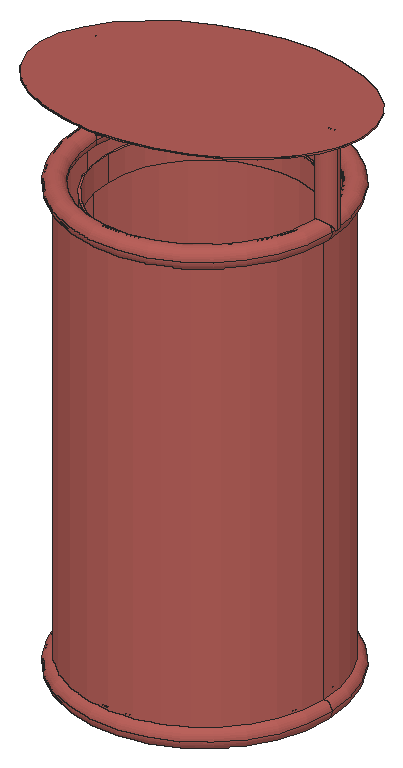
Revit family "product code 61412-F", category Meble, Revit 2021
Family settings
  Numer OmniClass = 23.40.20.00
  Tytuł OmniClass = General Furniture and Specialties
  Oparty na płaszczyźnie roboczej = Nie
  Zawsze pionowo = Tak
  Tnij formami wycięć po wczytaniu = Nie
  Współdzielony = Nie
  Punkt obliczania pomieszczeń = Nie
Parameters (values of type "Sydhavn")
  metal = Kobenhagen RAL 3000
  Width = "50 cm"
  Weight = "50 kg"
  URL = "https://kobenhagen.com/en_US/p/Sydhavn-Waste-Bin/243"
  Size = "40 L"
  Product Line = "Sydhavn"
  Product Groups = "Waste Bins"
  Producent = "Lars Laj"
  Keynote = ""
  Opis = "Sydhavn Waste Bin"
  Model = "61412-F"
  Material = "Powder coated steel"
  Maintenance = "We recommend to examine and tighten all screws and bolt clamps after a few weeks’ use. In order to prevent cracks and to extend the life of the wood, it is recommended that the wood details should be oiled every 3-5 years."
  Lenght = "50 cm"
  Type Comments = ""
  Kobenhagen Materials = "larslaj.com/bim"
  Hosted on larslaj.com = "https://larslaj.com/bim"
  Height = "98 cm"
  Domyślna rzędna = 0 mm
  Copyright = "All designs and drawings are the intellectual property of Lars Laj A/S and are protected by Danish and international copyright laws."
Reference planes
  plane 1: z = 0
  plane 2 "Środek (Lewa/Prawa)": x = 0
  plane 3 "Góra": z = 1062.347
  plane 4 "Środek": y = 257.204
  plane 5 "pokrywa": through (-32.226, 501.498, 890.212) normal (0, 0.1804, 0.9836)
Forms (mm)
  Extrusion 1, solid, material "Kobenhagen RAL 3000" <- "metal", not visible
    sketch origin (0, 0, 0) x (0, 1, 0) y (0, 0, 1)
      loop
        arc (71.187, 451.5) -> (57.045, 445.642) -> (51.187, 431.5) r 20
        line (51.187, 431.5) -> (51.187, 18.231)
        arc (51.187, 18.231) -> (56.527, 5.34) -> (69.418, 0) r 18.231
        line (69.418, 0) -> (153.638, 0) -> (153.638, 15) -> (448.638, 15) -> (448.638, 0) -> (527.023, 0)
        arc (527.023, 0) -> (542.307, 6.331) -> (548.638, 21.615) r 21.615
        line (548.638, 21.615) -> (548.638, 429.407)
        arc (548.638, 429.407) -> (542.168, 445.029) -> (526.545, 451.5) r 22.093
        line (526.545, 451.5) -> (71.187, 451.5)
    from 750.378 to 745
  Extrusion 2, solid, material "Kobenhagen RAL 3000" <- "metal", not visible
    sketch origin (0, 0, 0) x (0, 1, 0) y (0, 0, 1)
      loop
        line (548.638, 396.844) -> (629.375, 854.725) -> (601.836, 859.581)
        arc (601.836, 859.581) -> (585.224, 855.898) -> (576.082, 841.547) r 22.232
        line (576.082, 841.547) -> (507.306, 451.5) -> (526.545, 451.5)
        arc (526.545, 451.5) -> (542.168, 445.029) -> (548.638, 429.407) r 22.093
        line (548.638, 429.407) -> (548.638, 396.844)
    from 745 to 750.378
  Extrusion 3, solid, material "Kobenhagen RAL 3000" <- "metal"
    sketch origin (0, 0, 0) x (1, 0, 0) y (0, 1, 0)
      loop
        circle (0, 257.204) r 212.522
      loop
        circle (0, 257.204) r 210
    from 32.185 to 766.732
  Revolve 4, solid, material "Kobenhagen RAL 3000" <- "metal"
    sketch origin (0, 257.204, 0) x (-1, 0, 0) y (0, 0, 1)
      loop
        circle (209.857, 783.176) r 16.886
      loop
        circle (209.857, 783.176) r 15
      axis (0, 783.176) -> (0, 782.176)
    angle from 0 to 360
  Revolve 5, solid, material "Kobenhagen RAL 3000" <- "metal"
    sketch origin (0, 257.204, -765.32) x (-1, 0, 0) y (0, 0, 1)
      loop
        circle (209.857, 783.176) r 16.886
      loop
        circle (209.857, 783.176) r 15
      axis (0, 783.176) -> (0, 782.176)
    angle from 0 to 360
  Extrusion 6, solid, material "Kobenhagen RAL 3000" <- "metal"
    sketch origin (0, 0, 0) x (1, 0, 0) y (0, 1, 0)
      loop
        circle (0, 257.204) r 176
      loop
        circle (0, 257.204) r 173
    from 723.176 to 766.732
  Extrusion 7, solid, material "Kobenhagen RAL 3000" <- "metal"
    sketch origin (1.425, 175.276, 950.043) x (0, 0.983594, -0.180397) y (-1, 0, 0)
      loop
        circle (75.391, 0) r 255
    from -2.041 to 0
  Extrusion 8, solid, material "Kobenhagen RAL 3000" <- "metal"
    sketch origin (0, 0, 0) x (1, 0, 0) y (0, 1, 0)
      loop
        line (-176.023, 266.461) -> (-209.547, 266.461) -> (-209.547, 243.42) -> (-176.023, 243.42) -> (-176.023, 266.461)
      loop
        line (176.023, 266.461) -> (176.023, 243.42) -> (209.547, 243.42) -> (209.547, 266.461) -> (176.023, 266.461)
    from 723.176 to 729.007
  Extrusion 9, solid, material "Kobenhagen RAL 3000" <- "metal"
    sketch origin (0, 0, 0) x (1, 0, 0) y (0, 1, 0)
      loop
        circle (-209.661, 269.135) r 17.3
      loop
        circle (-209.661, 269.135) r 15
      loop
        circle (209.661, 269.135) r 17.3
      loop
        circle (209.661, 269.135) r 15
    from 783.176 to 929.03
  Extrusion 10, solid, material "Kobenhagen RAL 3000" <- "metal"
    sketch origin (0, 0, 0) x (1, 0, 0) y (0, 1, 0)
      loop
        line (-209.547, 266.461) -> (-209.547, 242.563) -> (-207.231, 242.563) -> (-207.231, 266.461) -> (-209.547, 266.461)
      loop
        line (209.547, 266.461) -> (207.231, 266.461) -> (207.231, 242.563) -> (209.547, 242.563) -> (209.547, 266.461)
    from 0 to 723.176
Dimensions and locks
  radius of Extrusion 6 sketch curve = 176 mm
  aligned and locked: level to plane 1
